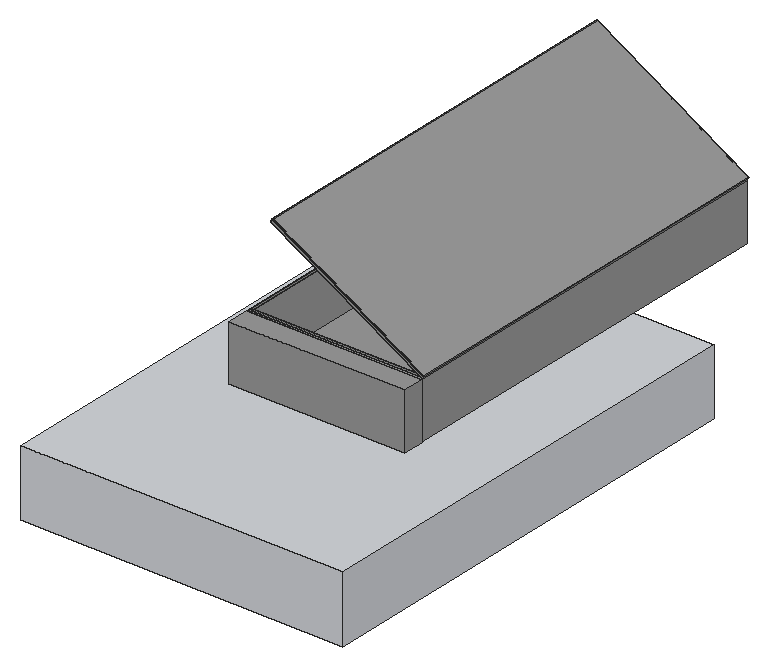
Revit family "Hager-Univers-IP55-D275-H1950-Cl.II-Steel_encl-DE-de", category Equipement électrique, Revit 2020
Family settings
  Hôte = Face
  Configuration du panneau = Deux colonnes, circuits au sein
  Cote de connecteur circulaire = Utiliser le diamètre
  Type d'élément = Tableau de raccordement
  Couper avec des vides une fois chargée = Non
  Partagée = Non
  Point de calcul de pièce = Non
Parameters (values of type "Bodenaufstellung IP55 B800 H1950 T275  - FR23S1")
  Width Control [instance] = if([EF000008 - Breite] > Min Width, [EF000008 - Breite], Min Width)  # 800 mm
  Commentaires du type = [HG000003 - Bereich]  # "Univers"
  Thickness Door [instance] = if([EF009171 - Materialstärke Tür/Deckel] > 3 mm, 3 mm, [EF009171 - Materialstärke Tür/Deckel])  # 1.5 mm
  Seal Frame Offset [instance] = 17 mm  # constant formula
  Plinth Visibility [instance] = [HG000027 - Sockelhöhe] > 0 mm  # yes
  Model = ""
  Min Width [instance] = 100 mm  # constant formula
  Min Height [instance] = 100 mm  # constant formula
  Min Depth [instance] = (2 * [EF009170 - Materialstärke Gehäuse]) + 1 mm  # 4 mm
  Internal Frame Depth [instance] = (Door System Depth * 0.5)  # 9 mm
  Height Control [instance] = if([EF000040 - Höhe] > Min Height, [EF000040 - Höhe], Min Height)  # 1950 mm
  HG000027 - Sockelhöhe = 100 mm
  HG000026 - Stehend auf dem Boden = yes
  HG000024 - Höhe des unteren Teils = 800 mm
  HG000023 - Gehäuse mit doppeltem Querschnitt = no
  HG000016 - 3D-Türsichtbarkeit [instance] = yes
  HG000015 - Sichtbarkeit der Türöffnung [instance] = no
  HG000014 - Tür rechts [instance] = yes
  HG000013 - Tür links [instance] = not([HG000014 - Tür rechts])  # no
  HG000012 - Türschwenkwinkel [instance] = 30.00°
  HG000010 - Asymmetrische Türen = no
  HG000009 - Doppelflügeligen Tür = no
  HG000006 - Unterputz = no
  HG000004 - Herstellerreferenz = "FR23S1"
  HG000003 - Bereich = "Univers"
  HG000002 - Mit tür = yes
  Frame Offset Bottom [instance] = 10 mm  # constant formula
  Frame Offset [instance] = 15 mm  # constant formula
  EF015940 - Deckel mit Überdruckentlastung = no
  EF011959 - Schutzart (NEMA) = ""
  EF009554 - Anzahl der Öffnungen für Flanschplatten = 6
  Fabricant = "Hager"  # constant formula
  EF009212 - Ausführung Deckel = "EV000116 - geschlossen"
  EF009171 - Materialstärke Tür/Deckel = 1.5 mm
  EF009170 - Materialstärke Gehäuse = 1.5 mm
  EF008873 - Nennstrom (In) = 800 A
  EF007800 - Geeignet für Blitzschutz = no
  EF006306 - Mit Schloss = no
  EF006244 - Transparenter Deckel/Tür = no
  EF005474 - Schutzart (IP) = "EV006420 - IP55"
  EF004464 - Art der Tür = "EV002646 - Einzel"
  EF004427 - Anzahl der Module = 432
  EF004293 - Schlagfestigkeit = "EV008784 - IK10"
  EF003532 - Geeignet für Außengebrauch = no
  EF002950 - Breite in Teilungseinheiten = 24
  EF001613 - Funktionserhalt = "EV000494 - ohne"
  EF001596 - Werkstoff des Gehäuses = "EV000179 - Stahl"
  EF001131 - Innentiefe = 275 mm
  EF001088 - Anbaumöglichkeit = yes
  EF000437 - Anzahl der Leitungseinführungen = 6
  EF000339 - Art der Abdeckung = "EV004216 - Tür"
  EF000266 - Anzahl der Reihen = 12
  EF000218 - Einbautiefe = 0 mm
  EF000118 - Mit Montageplatte = no
  EF000116 - RAL-Nummer = "7035"
  EF000049 - Tiefe = 275 mm
  EF000040 - Höhe = 1950 mm
  EF000008 - Breite = 800 mm
  EF000007 - Farbe = "EV000270 - grau"
  EF000003 - Montageart = "EV012274 - Bodenaufstellung"
  Door System Leaf Tolerance [instance] = 1.5 mm  # constant formula
  Door System Depth [instance] = 18 mm  # constant formula
  Door Height [instance] = Height Control - [HG000027 - Sockelhöhe]  # 1850 mm
  Depth Control [instance] = if([EF000049 - Tiefe] > Min Depth, [EF000049 - Tiefe], Min Depth)  # 275 mm
  Default Elevation = 0 mm
  Connector Offset [instance] = Height Control / 2  # 975 mm
  Bottom Top Plate Trim [instance] = 1.5 mm  # constant formula
  Plinth height Ctrl [instance] = if([HG000027 - Sockelhöhe] > 0 mm, [HG000027 - Sockelhöhe], 12 mm)  # 100 mm
Types (11, lengths in mm): name | Width Control | HG000010 - Asymmetrische Türen | HG000009 - Doppelflügeligen Tür | HG000004 - Herstellerreferenz | EF009554 - Anzahl der Öffnungen für Flanschplatten | EF006244 - Transparenter Deckel/Tür | EF004464 - Art der Tür | EF004427 - Anzahl der Module | EF000437 - Anzahl der Leitungseinführungen | EF000008 - Breite
  Bodenaufstellung IP55 B1050 H1950 T275  - FR24L1 | 1050 | yes | yes | "FR24L1" | 8 | yes | "EV003602 - Doppel" | 576 | 8 | 1050
  Bodenaufstellung IP55 B1050 H1950 T275  - FR24S1 | 1050 | yes | yes | "FR24S1" | 8 | no | "EV003602 - Doppel" | 576 | 8 | 1050
  Bodenaufstellung IP55 B1300 H1950 T275  - FR25L1 | 1300 | yes | yes | "FR25L1" | 10 | yes | "EV003602 - Doppel" | 720 | 10 | 1300
  Bodenaufstellung IP55 B1300 H1950 T275  - FR25S1 | 1300 | yes | yes | "FR25S1" | 10 | no | "EV003602 - Doppel" | 720 | 10 | 1300
  Bodenaufstellung IP55 B1550 H1950 T275  - FR26L1 | 1550 | yes | yes | "FR26L1" | 12 | yes | "EV003602 - Doppel" | 864 | 12 | 1550
  Bodenaufstellung IP55 B1550 H1950 T275  - FR26S1 | 1550 | yes | yes | "FR26S1" | 12 | no | "EV003602 - Doppel" | 864 | 12 | 1550
  Bodenaufstellung IP55 B300 H1950 T275  - FR21S1 | 300 | no | no | "FR21S1" | 2 | no | "EV002646 - Einzel" | 144 | 2 | 300
  Bodenaufstellung IP55 B550 H1950 T275  - FR22L1 | 550 | no | no | "FR22L1" | 4 | yes | "EV002646 - Einzel" | 288 | 4 | 550
  Bodenaufstellung IP55 B550 H1950 T275  - FR22S1 | 550 | no | no | "FR22S1" | 4 | no | "EV002646 - Einzel" | 288 | 4 | 550
  Bodenaufstellung IP55 B800 H1950 T275  - FR23L1 | 800 | no | no | "FR23L1" | 6 | yes | "EV002646 - Einzel" | 432 | 6 | 800
  Bodenaufstellung IP55 B800 H1950 T275  - FR23S1 | 800 | no | no | "FR23S1" | 6 | no | "EV002646 - Einzel" | 432 | 6 | 800
Reference planes
  plane 1 "Center (Front/Back)": y = 0
  plane 2: z = 0
  plane 3 "Center (Left/Right)": x = 0
  plane 4: z = 275
  plane 5: y = 101.5
  plane 6: y = 1025
  plane 7: y = 100
  plane 8: y = 1950
  plane 9: z = 0
  plane 10: x = -385
  plane 11: x = 385
  plane 12: x = 383.5
  plane 13: x = -383.5
  plane 14: y = 1948.5
  plane 15: x = -383
  plane 16: x = -400
  plane 17: x = 383
  plane 18: x = 400
  plane 19: x = 398.5
  plane 20: x = -398.5
  plane 21: y = 111.5
  plane 22: y = 1950
  plane 23: y = 1933.5
  plane 24: z = 257
  plane 25: z = 1.5
  plane 26: z = 255.5
  plane 27: z = 273.5
Forms (mm)
  Extrusion 1, solid
    sketch origin (0, 0, 0) x (1, 0, 0) y (0, 1, 0)
      loop
        line (-702.964, 1305) -> (-702.964, -811.445) -> (766.763, -811.445) -> (766.763, 1305) -> (-702.964, 1305)
    from 0 to -304.8
  Extrusion 2, solid, material "Hager_Steel_RAL7035_Light_Grey", visible <- "Plinth Visibility", detail levels medium+fine
    sketch origin (0, 0, 0) x (1, 0, 0) y (0, 1, 0)
      loop
        line (-400, 0) -> (400, 0) -> (400, 100) -> (-400, 100) -> (-400, 0)
    from 0 to 257
  Extrusion 3, solid, material "Hager_Steel_RAL7035_Light_Grey", detail levels medium+fine
    sketch origin (0, 0, 0) x (1, 0, 0) y (0, 1, 0)
      loop
        line (-400, 100) -> (400, 100) -> (400, 1950) -> (-400, 1950) -> (-400, 100)
    from 0 to 257
  Extrusion 4, void
    sketch origin (0, 0, 0) x (1, 0, 0) y (0, 1, 0)
      loop
        line (-398.5, 101.5) -> (398.5, 101.5) -> (398.5, 1948.5) -> (-398.5, 1948.5) -> (-398.5, 101.5)
    from 1.5 to 255.5
  Extrusion 5, void
    sketch origin (-381.607, -4572, 257) x (0, -1, 0) y (-1, 0, 0)
      loop
        line (-4683.5, 1.893) -> (-6505.5, 1.893) -> (-6505.5, -765.107) -> (-4683.5, -765.107) -> (-4683.5, 1.893)
    from 0 to 1.5 <- "EF009170 - Materialstärke Gehäuse"
  Extrusion 6, solid, material "Hager_Steel_RAL7035_Light_Grey", detail levels fine
    sketch origin (0, 0, 257) x (1, 0, 0) y (0, 1, 0)
      loop
        line (-383.5, 1933.5) -> (-383.5, 111.5) -> (383.5, 111.5) -> (383.5, 1933.5) -> (-383.5, 1933.5)
      loop
        line (-385, 110) -> (385, 110) -> (385, 1935) -> (-385, 1935) -> (-385, 110)
    from 0 to 9 <- "Internal Frame Depth"
  Extrusion 7, solid, material "Hager_Steel_RAL7035_Light_Grey", detail levels coarse
    sketch origin (0, 0, 0) x (1, 0, 0) y (0, 1, 0)
      loop
        line (-400, 0) -> (400, 0) -> (400, 1950) -> (-400, 1950) -> (-400, 0)
    from 0 to 275
  Sweep 8, void
    path in 3D
      loop
        line (-400, 100, 0) -> (400, 100, 0) -> (400, 100, 257) -> (-400, 100, 257) -> (-400, 100, 0)
    profile origin (-400, 100, 128.5) x (-1, 0, 0) y (0, -1, 0)
      loop
        line (0, 0) -> (0, 1.5) -> (-1.5, 1.5)
        arc (-1.5, 1.5) -> (-1.061, 0.439) -> (0, 0) r 1.5
Cuts and joins
  Extrusion 4, Extrusion 5 cuts Extrusion 3
  Sweep 8 cuts Extrusion 2
Lines and regions (mm)
  Masking region 1
    outline origin (0, 0, 0) x (1, 0, 0) y (0, 0, 1)
      loop
        line (-400, 275) -> (-400, 0) -> (400, 0) -> (400, 275) -> (-400, 275)
  Masking region 2, detail levels medium+fine
    outline origin (0, 140, 0) x (0, 1, 0) y (0, 0, 1)
      loop
        line (-40, 0) -> (1810, 0) -> (1810, 257) -> (-40, 257) -> (-40, 0)
  Masking region 3, not visible, detail levels medium+fine
    outline origin (0, 297.922, 0) x (0, 1, 0) y (0, 0, 1)
      loop
        line (738.578, 0) -> (778.578, 0) -> (778.578, 263.5)
        arc (778.578, 263.5) -> (775.649, 270.571) -> (768.578, 273.5) r 10
        line (768.578, 273.5) -> (738.578, 273.5) -> (738.578, 0)
  Masking region 4, detail levels coarse
    outline origin (0, 0, 180) x (0, 1, 0) y (0, 0, 1)
      loop
        line (0, -180) -> (1950, -180) -> (1950, 95) -> (0, 95) -> (0, -180)
  Masking region 5, visible <- "Plinth Visibility", detail levels medium+fine
    outline origin (0, 52.24, 12.345) x (0, 0, -1) y (0, 1, 0)
      loop
        line (10.845, 47.76) -> (-243.155, 47.76)
        arc (-243.155, 47.76) -> (-243.594, 46.699) -> (-244.655, 46.26) r 1.5
        line (-244.655, 46.26) -> (-244.655, -52.24) -> (12.345, -52.24) -> (12.345, 46.26)
        arc (12.345, 46.26) -> (11.285, 46.699) -> (10.845, 47.76) r 1.5
  Masking region 6, detail levels medium+fine
    outline origin (-381.607, -4572, 257) x (-1, 0, 0) y (0, -1, 0)
      loop
        line (18.393, -6522) -> (18.393, -4672) -> (-781.607, -4672) -> (-781.607, -6522) -> (18.393, -6522)
  Masking region 7, visible <- "Plinth Visibility", detail levels medium+fine
    outline origin (-381.607, -4727, 257) x (-1, 0, 0) y (0, -1, 0)
      loop
        arc (16.893, -4827) -> (17.332, -4825.939) -> (18.393, -4825.5) r 1.5
        line (18.393, -4825.5) -> (18.393, -4727) -> (-781.607, -4727) -> (-781.607, -4825.5)
        arc (-781.607, -4825.5) -> (-780.546, -4825.939) -> (-780.107, -4827) r 1.5
        line (-780.107, -4827) -> (16.893, -4827)
  Masking region 8, detail levels coarse
    outline origin (-442.548, -4669.526, 257) x (-1, 0, 0) y (0, -1, 0)
      loop
        line (-42.548, -6619.526) -> (-42.548, -4669.526) -> (-842.548, -4669.526) -> (-842.548, -6619.526) -> (-42.548, -6619.526)
  sketch lines
    curve 1: line (-400, 100, 257) -> (-400, 100, 0)
    curve 2: line (400, 100, 257) -> (-400, 100, 257)
    curve 3: line (400, 100, 257) -> (400, 100, 0)
    curve 4: line (-400, 100, 0) -> (400, 100, 0)
Dimensions and locks
  "Depth Control": plane 4 to Extrusion 1
  "HG000027 - Sockelhöhe": plane 1 "Center (Front/Back)" to plane 7
  "EF009170 - Materialstärke Gehäuse": plane 5 to plane 7
  locked: connector elem to plane 3 "Center (Left/Right)"
  equal spacing: plane 8, plane 6, plane 7
  locked: connector elem to plane 6
  "EF009170 - Materialstärke Gehäuse": plane 8 to plane 14
  "EF009170 - Materialstärke Gehäuse": plane 10 to plane 13
  "EF009170 - Materialstärke Gehäuse": plane 12 to plane 11
  "Frame Offset": plane 20 to plane 13
  "Frame Offset": plane 12 to plane 19
  "EF009170 - Materialstärke Gehäuse": plane 16 to plane 20
  "EF009170 - Materialstärke Gehäuse": plane 19 to plane 18
  "Seal Frame Offset": plane 16 to plane 15
  "Seal Frame Offset": plane 17 to plane 18
  "Frame Offset Bottom": plane 21 to plane 5
  "Frame Offset": plane 14 to plane 23
  equal spacing: plane 16, plane 3 "Center (Left/Right)", plane 18
  "Width Control": plane 16 to plane 18
  "EF009170 - Materialstärke Gehäuse": plane 4 to plane 27
  "EF009170 - Materialstärke Gehäuse": plane 24 to plane 26
  "EF009170 - Materialstärke Gehäuse": plane 25 to level
  "Door System Depth": plane 4 to plane 24
  "Height Control": plane 1 "Center (Front/Back)" to Extrusion 7 sketch curve
  "Height Control": Masking region 4 sketch curve to plane 1 "Center (Front/Back)"
  "Height Control": plane 1 "Center (Front/Back)" to plane 22
  "Bottom Top Plate Trim": profile plane to Sweep 8 sketch curve
  "Bottom Top Plate Trim": Sweep 8 sketch curve to profile plane
  "Plinth height Ctrl": plane 1 "Center (Front/Back)" to Extrusion 2 sketch curve
  "Plinth height Ctrl": Masking region 5 sketch curve to plane 1 "Center (Front/Back)"
  "Plinth height Ctrl": plane 1 "Center (Front/Back)" to Masking region 7 sketch curve
  "Thickness Door": Extrusion 6 sketch curve to Extrusion 6 sketch curve  (x3)
  "Thickness Door": cut or joined group of Extrusion 3, Extrusion 4, Extrusion 5 to Extrusion 6 sketch curve
  radius of Masking region 3 sketch curve = 10 mm
  "Bottom Top Plate Trim": radius of Masking region 5 sketch curve  (x2)
  "Bottom Top Plate Trim": radius of Sweep 8 sketch curve
  "Bottom Top Plate Trim": radius of Masking region 7 sketch curve  (x2)
  aligned and locked: plane 2 to Extrusion 1
  aligned and locked: level to Extrusion 1
  aligned and locked: level to Masking region 1 sketch curve
  aligned and locked: Masking region 1 sketch curve to plane 18
  aligned and locked: Masking region 1 sketch curve to plane 16
  aligned and locked: plane 7 to Masking region 2 sketch curve
  aligned and locked: level to Masking region 3 sketch curve
  aligned and locked: Masking region 3 sketch curve to plane 27
  aligned and locked: level to Masking region 2 sketch curve
  aligned and locked: plane 1 "Center (Front/Back)" to Extrusion 2 sketch curve
  aligned and locked: Extrusion 3 sketch curve to plane 7
  aligned and locked: plane 16 to Extrusion 3 sketch curve
  aligned and locked: plane 18 to Extrusion 3 sketch curve
  aligned and locked: plane 20 to Extrusion 4 sketch curve
  aligned and locked: plane 19 to Extrusion 4 sketch curve
  aligned and locked: Extrusion 4 sketch curve to plane 5
  aligned and locked: Extrusion 4 to plane 25
  aligned and locked: plane 26 to Extrusion 4
  aligned and locked: plane 24 to Extrusion 3
  aligned and locked: Extrusion 5 sketch curve to plane 21
  aligned and locked: Extrusion 5 sketch curve to plane 13
  aligned and locked: Extrusion 5 sketch curve to plane 12
  aligned and locked: plane 18 to Extrusion 7 sketch curve
  aligned and locked: plane 1 "Center (Front/Back)" to Extrusion 7 sketch curve
  aligned and locked: plane 16 to Extrusion 7 sketch curve
  aligned and locked: plane 4 to Extrusion 7
  aligned and locked: Extrusion 7 to level
  aligned and locked: level to Masking region 4 sketch curve
  aligned and locked: Masking region 4 sketch curve to plane 1 "Center (Front/Back)"
  aligned and locked: Masking region 4 sketch curve to plane 4
  aligned and locked: nested 1 to level
  aligned and locked: nested 1 to plane 16
  aligned and locked: plane 8 to Extrusion 3 sketch curve
  aligned and locked: plane 23 to Extrusion 5 sketch curve
  aligned and locked: plane 14 to Extrusion 4 sketch curve
  aligned and locked: Masking region 2 sketch curve to plane 8
  aligned and locked: level to Masking region 5 sketch curve
  aligned and locked: plane 16 to Extrusion 2 sketch curve
  aligned and locked: plane 18 to Extrusion 2 sketch curve
  aligned and locked: Masking region 5 sketch curve to plane 24
  aligned and locked: Masking region 2 sketch curve to plane 24
  aligned and locked: plane 24 to Extrusion 2
  aligned and locked: profile plane to Sweep 8 sketch curve  (x2)
  aligned and locked: Masking region 6 sketch curve to plane 18
  aligned and locked: Masking region 6 sketch curve to plane 22
  aligned and locked: Masking region 6 sketch curve to plane 16
  aligned and locked: plane 8 to plane 22
  aligned and locked: Masking region 6 sketch curve to plane 7
  aligned and locked: Masking region 7 sketch curve to plane 16
  aligned and locked: Masking region 7 sketch curve to plane 1 "Center (Front/Back)"
  aligned and locked: Masking region 7 sketch curve to plane 18
  aligned and locked: Masking region 8 sketch curve to plane 1 "Center (Front/Back)"
  aligned and locked: Masking region 8 sketch curve to plane 18
  aligned and locked: Masking region 8 sketch curve to plane 22
  aligned and locked: Masking region 8 sketch curve to plane 16
  aligned and locked: nested 2 to plane 7
  aligned and locked: plane 3 "Center (Left/Right)" to nested 2
  aligned and locked: nested 2 to plane 24
  aligned and locked: Extrusion 6 sketch curve to cut or joined group of Extrusion 3, Extrusion 4, Extrusion 5  (x4)
Automatic sketch dimensions
  Extrusion 1 sketch curve to Extrusion 1 sketch curve = 1469.727 mm
  Extrusion 1 sketch curve to Extrusion 1 sketch curve = 2116.445 mm
  Masking region 1 sketch curve to plane 4 = 0 mm
  plane 6 to Masking region 3 sketch curve = 11.5 mm
  Masking region 3 sketch curve to Masking region 3 sketch curve = 30 mm
  Masking region 5 sketch curve to plane 1 "Center (Front/Back)" = 0 mm
Nested families
  nested 1: "Hager_Enclosure_Symbol" at (-400, 0, 0) x (1, 0, 0) z (0, -1, 0), Height <- "Depth Control", Width <- "Width Control", type "Hager_Enclosure_Symbol"
    with Width_Ctrl 800 mm, Width 800 mm, Height_Ctrl 275 mm, Height 275 mm, A_Width_Int 18.047 mm, A_Width 216.562 mm, A_Height_Ctrl 240.625 mm, A_Height 240.625 mm
  nested 2: "EC000058_Univers_Door" at (0, 100, 257) x (1, 0, 0) z (0, 1, 0), Leaf_Tolerance <- "Door System Leaf Tolerance", Angle <- "HG000012 - Türschwenkwinkel", Door_Depth <- "Door System Depth", Door_Left <- "HG000013 - Tür links", Transparent <- "EF006244 - Transparenter Deckel/Tür", Assymetrical <- "HG000010 - Asymmetrische Türen", Width <- "Width Control", Clearance <- "HG000015 - Sichtbarkeit der Türöffnung", Double <- "HG000009 - Doppelflügeligen Tür", 3d_Door <- "HG000016 - 3D-Türsichtbarkeit", Lock_Visibility <- "EF006306 - Mit Schloss", Width_Ctrl <- "Width Control", Door_Right <- "HG000014 - Tür rechts", Door <- "HG000002 - Mit tür", Height <- "Door Height", Thickness <- "Thickness Door", type "EC000058_Univers_Door", detail levels medium+fine
    with min_wh 4 mm, Width_Ctrl 800 mm, Width 800 mm, Transparent no, Thickness 1.5 mm, Seal_Material Hager_Rubber, Lock_Visibility no, Lock_Material Hager_Plastic_RAL9005_Jet_Black, Leaf_Width 800 mm, Leaf_Tolerance_External_Sides 0 mm, Leaf_Tolerance 1.5 mm, Leaf_Offset 0 mm, Leaf_Height 1847 mm, Leaf_2_Width 800 mm, Leaf_2_Offset 400 mm, Leaf_1_Width 800 mm, Leaf_1_Offset 400 mm, Height_Ctrl 1850 mm, Height 1850 mm, Glass_Material Hager_Glass, Double_Clearance_Ctrl no, Double no, Door_Right_Ctrl yes, Door_Right yes, Door_Material Hager_Steel_RAL7035_Light_Grey, Door_Left_Ctrl no, Door_Left no, Door_Depth 18 mm, Door yes, Clearance_Material Hager_Clearance, Clearance_Depth 800 mm, Clearance_Ctrl no, Clearance no, Assymetrical no, Angle 30.00°, 3d_Door yes
Connectors
  electrical at (0, 1025, 0)
    settings: on plane 9, index 1, voltage 0 V, apparent load 0 VA, apparent load phase1 0 VA, apparent load phase2 0 VA, apparent load phase3 0 VA, power factor 1, load classification "Other", number of poles 1, system type 30, power factor state 1, is connector primary yes, connector utility no, sub classification motor no, connector description ""
Definition of nested family "EC000058_Univers_Door"
  Parameters (values of type "EC000058_Univers_Door")
    min_wh [instance] = (2 * Thickness) + 1 mm  # 11 mm
    Width_Ctrl [instance] = 400 mm
    Width [instance] = 500 mm
    Transparent [instance] = yes
    Thickness [instance] = 5 mm
    Seal_Material [instance] = none
    Lock_Visibility [instance] = yes
    Lock_Material [instance] = none
    Leaf_Width [instance] = if((Width_Ctrl - 2 * Leaf_Tolerance_External_Sides) > 0 mm, (Width_Ctrl - 2 * Leaf_Tolerance_External_Sides), min_wh)  # 400 mm
    Leaf_Tolerance_External_Sides [instance] = 0 mm  # constant formula
    Leaf_Tolerance [instance] = 1.5 mm
    Leaf_Offset [instance] = 0 mm  # constant formula
    Leaf_Height [instance] = if((Height_Ctrl - 2 * Leaf_Tolerance) > 0 mm, (Height_Ctrl - 2 * Leaf_Tolerance), min_wh)  # 497 mm
    Leaf_2_Width [instance] = if(and(and(Double, Assymetrical), Door_Left), (Leaf_Width / 3) - (Leaf_Tolerance / 2), if(and(and(Double, Assymetrical), Door_Right), (Leaf_Width / 3) * 2 - (Leaf_Tolerance / 2), if(and(Double, not(Assymetrical)), (Leaf_Width / 2) - Leaf_Tolerance, Leaf_Width)))  # 400 mm
    Leaf_2_Offset [instance] = if(and(Double, Assymetrical), Leaf_2_Width / 2, if(and(Double, not(Assymetrical)), Leaf_Width / 4, Leaf_Width / 2))  # 200 mm
    Leaf_1_Width [instance] = if(and(and(Double, Assymetrical), Door_Right), (Leaf_Width / 3) - (Leaf_Tolerance / 2), if(and(and(Double, Assymetrical), Door_Left), (Width / 3) * 2 - (Leaf_Tolerance / 2), if(and(Double, not(Assymetrical)), (Leaf_Width / 2) - Leaf_Tolerance, Leaf_Width)))  # 400 mm
    Leaf_1_Offset [instance] = if(and(Double, Assymetrical), Leaf_1_Width / 2, if(and(Double, not(Assymetrical)), Leaf_Width / 4, Leaf_Width / 2))  # 200 mm
    Height_Ctrl [instance] = if(Height > min_wh, Height, min_wh)  # 500 mm
    Height [instance] = 500 mm
    Glass_Material [instance] = none
    Double_Clearance_Ctrl [instance] = and(Double, Clearance)  # no
    Double [instance] = no
    Door_Right_Ctrl [instance] = and(or(Door_Right, Double), Door)  # yes
    Door_Right [instance] = yes
    Door_Material [instance] = none
    Door_Left_Ctrl [instance] = and(or(Door_Left, Double), Door)  # no
    Door_Left [instance] = no
    Door_Depth [instance] = 30 mm
    Door [instance] = yes
    Default Elevation = 1219.2 mm
    Clearance_Material [instance] = none
    Clearance_Depth [instance] = if(Leaf_1_Width > Leaf_2_Width, Leaf_1_Width, Leaf_2_Width)  # 400 mm
    Clearance_Ctrl [instance] = and(not(Double), Clearance)  # yes
    Clearance [instance] = yes
    Assymetrical [instance] = yes
    Angle [instance] = 30.00°
    3d_Door [instance] = yes
  Reference planes
    plane 1 "Center (Front/Back)": y = 0
    plane 2 "Bottom": z = 0
    plane 3 "Center (Left/Right)": x = 0
    plane 4: z = 500
    plane 5: x = -200
    plane 6: x = 200
    plane 7: z = 500
    plane 8: x = -200
    plane 9: z = 0
    plane 10: x = 200
    plane 11: y = 0
    plane 12: z = 1.5
    plane 13: x = -600
    plane 14: y = -400
    plane 15: x = 600
    plane 16: x = 0
    plane 17: x = 0
    plane 18: x = -200
    plane 19: x = 200
    plane 20: z = 498.5
  Forms (mm)
    Extrusion 1, solid, material <- "Clearance_Material", visible <- "Double_Clearance_Ctrl"
      sketch origin (1200, 0, 0) x (1, 0, 0) y (0, 0, -1)
        loop
          line (-1800, -498.5) -> (-600, -498.5) -> (-600, 0) -> (-1800, 0) -> (-1800, -498.5)
      from 0 to -400
  Dimensions and locks
    equal spacing: plane 5, plane 3 "Center (Left/Right)", plane 6
    "Width_Ctrl": plane 5 to plane 6
    "Leaf_Offset": plane 5 to plane 8
    "Leaf_Offset": plane 6 to plane 10
    "Leaf_Offset": plane 9 to level
    "Leaf_Offset": plane 4 to plane 7
    "Height_Ctrl": plane 4 to level
    "Leaf_Tolerance": plane 12 to plane 9
    locked: plane 11 to plane 1 "Center (Front/Back)"
    "Leaf_1_Offset": plane 18 to plane 16
    "Leaf_2_Offset": plane 17 to plane 19
    "Leaf_1_Width": plane 13 to plane 8
    "Leaf_2_Width": plane 10 to plane 15
    "Clearance_Depth": plane 14 to plane 1 "Center (Front/Back)"
    "Leaf_Tolerance_External_Sides": plane 8 to plane 18
    "Leaf_Tolerance_External_Sides": plane 19 to plane 10
    "Leaf_Tolerance": plane 7 to plane 20
    aligned and locked: level to plane 2 "Bottom"
    aligned and locked: nested 1 to plane 16
    aligned and locked: nested 2 to plane 17
    aligned and locked: Extrusion 1 to plane 13
    aligned and locked: plane 15 to Extrusion 1
    aligned and locked: Extrusion 1 to plane 14
    aligned and locked: plane 12 to nested 1
    aligned and locked: nested 2 to plane 12
    aligned and locked: Extrusion 1 to plane 11
    aligned and locked: plane 20 to Extrusion 1
    aligned and locked: nested 2 to plane 11
    aligned and locked: nested 1 to plane 11
  Automatic sketch dimensions
    Extrusion 1 sketch curve to level = 0 mm
    plane 5 to Extrusion 1 sketch curve = 400 mm
    plane 6 to Extrusion 1 sketch curve = 400 mm
    Extrusion 1 sketch curve to plane 4 = 1.5 mm
  Nested families
    nested 1: "EC000058_Univers_Door_Leaf" at (0, 0, 1.5), Width <- "Leaf_1_Width", visible <- "Door_Left_Ctrl", Leaf_Height <- "Leaf_Height", Angle <- "Angle", 3d_Door <- "3d_Door", Transparent <- "Transparent", Clearance Material <- "Clearance_Material", Clearance <- "Clearance_Ctrl", Door_Material <- "Door_Material", Glass_Material <- "Glass_Material", Door_Depth <- "Door_Depth", Lock_Material <- "Lock_Material", Seal_Material <- "Seal_Material", Lock_Visibility <- "Lock_Visibility", Thickness <- "Thickness", type "EC000058_Univers_Door_Leaf"
      with Width 400 mm, Transparent_Glass_Offset 30 mm, Transparent_Ctrl yes, Transparent yes, Thickness 5 mm, Standard no, Seal_Material none, Seal_D2 8 mm, Seal_D1 1 mm, Offset_Internal_Frame 10 mm, Lock_Width 20 mm, Lock_Visibility_3d yes, Lock_Visibility yes, Lock_Thickness_3 3 mm, Lock_Thickness_2 1 mm, Lock_Thickness_1 3 mm, Lock_Radius_Offset_2 16 mm, Lock_Radius_Offset_1 15 mm, Lock_Radius_2 5 mm, Lock_Radius 6 mm, Lock_Offset 5 mm, Lock_Material none, Lock_Height 80 mm, Lock_Cover_Top_Offset_2d 17 mm, Lock_Cover_Height -65 mm, Leaf_Height 497 mm, Internal_Seal_Thickness 8 mm, Internal_Seal_Depth_2 4.5 mm, Internal_Frame_Depth 25 mm, Glass_Thickness -1 mm, Glass_Offset -2 mm, Glass_Material none, Door_Material none, Door_Depth 30 mm, Clearance Material none, Clearance yes, Angle_Ctrl 30.00°, Angle 30.00°, 3d_Door yes
    nested 2: "EC000058_Univers_Door_Leaf" at (0, 0, 1.5) x (-1, 0, 0) z (0, 0, 1), Width <- "Leaf_2_Width", visible <- "Door_Right_Ctrl", Leaf_Height <- "Leaf_Height", Angle <- "Angle", 3d_Door <- "3d_Door", Transparent <- "Transparent", Clearance Material <- "Clearance_Material", Clearance <- "Clearance_Ctrl", Door_Material <- "Door_Material", Glass_Material <- "Glass_Material", Door_Depth <- "Door_Depth", Lock_Material <- "Lock_Material", Seal_Material <- "Seal_Material", Lock_Visibility <- "Lock_Visibility", Thickness <- "Thickness", type "EC000058_Univers_Door_Leaf"
      with Width 400 mm, Transparent_Glass_Offset 30 mm, Transparent_Ctrl yes, Transparent yes, Thickness 5 mm, Standard no, Seal_Material none, Seal_D2 8 mm, Seal_D1 1 mm, Offset_Internal_Frame 10 mm, Lock_Width 20 mm, Lock_Visibility_3d yes, Lock_Visibility yes, Lock_Thickness_3 3 mm, Lock_Thickness_2 1 mm, Lock_Thickness_1 3 mm, Lock_Radius_Offset_2 16 mm, Lock_Radius_Offset_1 15 mm, Lock_Radius_2 5 mm, Lock_Radius 6 mm, Lock_Offset 5 mm, Lock_Material none, Lock_Height 80 mm, Lock_Cover_Top_Offset_2d 17 mm, Lock_Cover_Height -65 mm, Leaf_Height 497 mm, Internal_Seal_Thickness 8 mm, Internal_Seal_Depth_2 4.5 mm, Internal_Frame_Depth 25 mm, Glass_Thickness -1 mm, Glass_Offset -2 mm, Glass_Material none, Door_Material none, Door_Depth 30 mm, Clearance Material none, Clearance yes, Angle_Ctrl 30.00°, Angle 30.00°, 3d_Door yes
  Definition of nested family "EC000058_Univers_Door_Leaf"
    Parameters (values of type "EC000058_Univers_Door_Leaf")
      Width [instance] = 2000 mm
      Transparent_Glass_Offset [instance] = 30 mm
      Transparent_Ctrl [instance] = and(Transparent, [3d_Door])  # yes
      Transparent [instance] = yes
      Thickness [instance] = 5 mm
      Standard [instance] = and(not(Transparent), [3d_Door])  # no
      Seal_Material [instance] = none
      Seal_D2 [instance] = 8 mm  # constant formula
      Seal_D1 [instance] = 1 mm  # constant formula
      Offset_Internal_Frame [instance] = 10 mm  # constant formula
      Lock_Width [instance] = 20 mm  # constant formula
      Lock_Visibility_3d [instance] = and(Lock_Visibility, [3d_Door])  # yes
      Lock_Visibility [instance] = yes
      Lock_Thickness_3 [instance] = 3 mm  # constant formula
      Lock_Thickness_2 [instance] = 1 mm  # constant formula
      Lock_Thickness_1 [instance] = 3 mm  # constant formula
      Lock_Radius_Offset_2 [instance] = Lock_Radius_Offset_1 + 1 mm  # 16 mm
      Lock_Radius_Offset_1 [instance] = 15 mm  # constant formula
      Lock_Radius_2 [instance] = Lock_Radius - 1 mm  # 5 mm
      Lock_Radius [instance] = 6 mm  # constant formula
      Lock_Offset [instance] = 5 mm  # constant formula
      Lock_Material [instance] = none
      Lock_Height [instance] = 80 mm  # constant formula
      Lock_Cover_Top_Offset_2d [instance] = Lock_Radius_Offset_2 + 1 mm  # 17 mm
      Lock_Cover_Height [instance] = -(Lock_Height - Lock_Radius_Offset_1)  # -65 mm
      Leaf_Height [instance] = 2720.336 mm
      Internal_Seal_Thickness [instance] = 8 mm  # constant formula
      Internal_Seal_Depth_2 [instance] = 4.5 mm  # constant formula
      Internal_Frame_Depth [instance] = if(Door_Depth - Thickness > 5 mm, Door_Depth - Thickness, 5 mm)  # 25 mm
      Glass_Thickness [instance] = if(Thickness > 15 mm, Glass_Offset + 10 mm, -1 mm)  # -1 mm
      Glass_Offset [instance] = if(Thickness > 15 mm, -(Thickness + 10 mm) / 2, -2 mm)  # -2 mm
      Glass_Material [instance] = none
      Door_Material [instance] = none
      Door_Depth [instance] = 30 mm
      Default Elevation = 0 mm
      Clearance Material [instance] = none
      Clearance [instance] = yes
      Angle_Ctrl [instance] = if(Angle > 180.00°, 180.00°, Angle)  # 90.00°
      Angle [instance] = 90.00°
      3d_Door [instance] = yes
    Reference planes
      plane 1 "Center (Front/Back)": y = 0
      plane 2: z = 0
      plane 3 "Center (Left/Right)": x = 0
      plane 4: y = 2000
      plane 5: x = -1000
      plane 6: x = 1000
      plane 7: x = -3000
      plane 8: z = 2720.336
      plane 9: z = 30
      plane 10: z = 2690.336
      plane 11: x = 970
      plane 12: x = -970
      plane 13: y = -3
      plane 14: z = 107.833
      plane 15: y = -5
      plane 16: y = -223.314
      plane 17: x = -1000
      plane 18: z = 1360.168
      plane 19: y = 30
    Forms (mm)
      Extrusion 1, solid, material <- "Clearance Material", visible <- "Clearance"
        sketch origin (0, 0, 0) x (1, 0, 0) y (0, 0, 1)
          loop
            line (-3000, 2720.336) -> (-3000, 0) -> (1000, 0) -> (1000, 2720.336) -> (-3000, 2720.336)
        from 0 to -2000
      Extrusion 2, solid, material <- "Door_Material", visible <- "Standard", detail levels medium+fine
        sketch origin (-1000, 0, 0) x (0, 1, 0) y (-1, 0, 0)
          loop
            line (0, 30) -> (0, 25) -> (2000, 25) -> (2000, 30) -> (0, 30)
        from 0 to 2720.336 <- "Leaf_Height"
      Extrusion 3, solid, material <- "Door_Material", visible <- "Transparent_Ctrl", detail levels medium+fine
        sketch origin (-1000, 0, 0) x (0, 1, 0) y (-1, 0, 0)
          loop
            line (0, 25) -> (2000, 25) -> (2000, 30) -> (0, 30) -> (0, 25)
        from 0 to 2720.336 <- "Leaf_Height"
      Extrusion 4, void
        sketch origin (-1025, 2000, 0) x (0, 1, 0) y (0, 0, -1)
          loop
            line (-30, -2690.336) -> (-30, -30) -> (-1970, -30) -> (-1970, -2690.336) -> (-30, -2690.336)
        from 0 to 5 <- "Thickness"
      Sweep 5, solid, material <- "Seal_Material", visible <- "Transparent_Ctrl", detail levels fine
        path in 3D
          loop
            line (-1025, 30, 30) -> (-1025, 30, 2690.336) -> (-1025, 1970, 2690.336) -> (-1025, 1970, 30) -> (-1025, 30, 30)
        profile origin (-1025, 1000, 30) x (1, 0, 0) y (0, 0, 1)
          loop
            line (0, 0) -> (0, -8) -> (1, -8) -> (1, 0) -> (0, 0)
      Extrusion 6, solid, material <- "Glass_Material", visible <- "Transparent_Ctrl", detail levels medium+fine
        sketch origin (-1030, 0, 0) x (0, 1, 0) y (0, 0, -1)
          loop
            line (1970, -2690.336) -> (1970, -30) -> (30, -30) -> (30, -2690.336) -> (1970, -2690.336)
        from -2 <- "Glass_Offset" to -1 <- "Glass_Thickness"
      Extrusion 7, solid, material <- "Door_Material", visible <- "3d_Door", detail levels medium+fine
        sketch origin (-1025, 2000, 0) x (0, -1, 0) y (0, 0, -1)
          loop
            line (0, -2720.336) -> (2000, -2720.336) -> (2000, 0) -> (0, 0) -> (0, -2720.336)
          loop
            line (1995, -5) -> (5, -5) -> (5, -2715.336) -> (1995, -2715.336) -> (1995, -5)
        from 0 to 25 <- "Internal_Frame_Depth"
      Sweep 8, solid, material <- "Seal_Material", visible <- "Transparent_Ctrl", detail levels fine
        path in 3D
          loop
            line (-1025, 0, 0) -> (-1025, 2000, 0) -> (-1025, 2000, 2720.336) -> (-1025, 0, 2720.336) -> (-1025, 0, 0)
        profile origin (-1025, 0, 1360.168) x (1, 0, 0) y (0, 1, 0)
          loop
            line (0, 10) -> (2.975, 10)
            arc (2.975, 10) -> (4.053, 10.447) -> (4.5, 11.525) r 1.525
            line (4.5, 11.525) -> (4.5, 16.527)
            arc (4.5, 16.527) -> (4.069, 17.569) -> (3.027, 18) r 1.473
            line (3.027, 18) -> (0, 18) -> (0, 10)
      Extrusion 9, solid, material <- "Lock_Material", visible <- "Lock_Visibility_3d", detail levels fine
        sketch origin (-1030, 0, 0) x (0, 1, 0) y (0, 0, -1)
          loop
            arc (1993.5, -1400.168) -> (1994.561, -1399.729) -> (1995, -1398.668) r 1.5
            line (1995, -1398.668) -> (1995, -1320.168) -> (1975, -1320.168) -> (1975, -1398.668)
            arc (1975, -1398.668) -> (1975.439, -1399.729) -> (1976.5, -1400.168) r 1.5
            line (1976.5, -1400.168) -> (1993.5, -1400.168)
        from 3 <- "Lock_Thickness_1" to 0
      Blend 10, solid, material <- "Lock_Material", visible <- "Lock_Visibility_3d", detail levels fine
        base sketch origin (-1033, 0, 0) x (0, 1, 0) y (0, 0, -1)
          loop
            line (1975, -1320.168) -> (1975, -1398.668)
            arc (1975, -1398.668) -> (1975.439, -1399.729) -> (1976.5, -1400.168) r 1.5
            line (1976.5, -1400.168) -> (1993.5, -1400.168)
            arc (1993.5, -1400.168) -> (1994.561, -1399.729) -> (1995, -1398.668) r 1.5
            line (1995, -1398.668) -> (1995, -1320.168) -> (1975, -1320.168)
        top sketch origin (-1033, 0, 0) x (0, 1, 0) y (0, 0, -1)
          loop
            line (1976, -1320.168) -> (1976, -1398.668)
            arc (1976, -1398.668) -> (1976.146, -1399.022) -> (1976.5, -1399.168) r 0.5
            line (1976.5, -1399.168) -> (1993.5, -1399.168)
            arc (1993.5, -1399.168) -> (1993.854, -1399.022) -> (1994, -1398.668) r 0.5
            line (1994, -1398.668) -> (1994, -1320.168) -> (1976, -1320.168)
        from 0 to 1 <- "Lock_Thickness_2"
      Blend 11, solid, material <- "Lock_Material", visible <- "Lock_Visibility_3d", detail levels fine
        base sketch origin (-1034, 0, 0) x (0, 1, 0) y (0, 0, -1)
          loop
            line (1978, -1320.168) -> (1978, -1384.168)
            arc (1978, -1384.168) -> (1985, -1391.168) -> (1992, -1384.168) r 7
            line (1992, -1384.168) -> (1992, -1320.168) -> (1978, -1320.168)
        top sketch origin (-1034, 0, 0) x (0, 1, 0) y (0, 0, -1)
          loop
            line (1991, -1320.168) -> (1979, -1320.168) -> (1979, -1383.168)
            arc (1979, -1383.168) -> (1985, -1389.168) -> (1991, -1383.168) r 6
            line (1991, -1383.168) -> (1991, -1320.168)
        from 0 to 3 <- "Lock_Thickness_3"
      Extrusion 12, solid, material <- "Lock_Material", visible <- "Lock_Visibility_3d", detail levels fine
        sketch origin (-1030, 1975, 1320.168) x (1, 0, 0) y (0, -1, 0)
          loop
            line (-7, -19) -> (-7, -1) -> (0, -1) -> (0, 0) -> (-8, 0) -> (-8, -20) -> (0, -20) -> (0, -19) -> (-7, -19)
        from 0 to -65 <- "Lock_Cover_Height"
      Extrusion 13, void
        sketch origin (-1038, 1995, 1320.168) x (-1, 0, 0) y (0, 0, -1)
          loop
            line (-5, -65) -> (0, -65) -> (-5, -60) -> (-5, -65)
        from 0 to 20 <- "Lock_Width"
      Extrusion 14, void
        sketch origin (-1038, 1975, 1320.168) x (0, -1, 0) y (0, 0, -1)
          loop
            circle (-10, -15.995) r 6
          loop
            circle (-10, -15.995) r 5
        from 0 to 2
      Extrusion 15, solid, material <- "Lock_Material", visible <- "Lock_Visibility_3d", detail levels medium
        sketch origin (-1030, 0, 0) x (0, 1, 0) y (0, 0, -1)
          loop
            arc (1993.5, -1400.168) -> (1994.561, -1399.729) -> (1995, -1398.668) r 1.5
            line (1995, -1398.668) -> (1995, -1320.168) -> (1975, -1320.168) -> (1975, -1398.668)
            arc (1975, -1398.668) -> (1975.439, -1399.729) -> (1976.5, -1400.168) r 1.5
            line (1976.5, -1400.168) -> (1993.5, -1400.168)
        from 8 to 0
    Cuts and joins
      Extrusion 4 cuts Extrusion 3
      Extrusion 13, Extrusion 14 cuts Extrusion 9
      Extrusion 14 cuts Blend 11
      Extrusion 13, Extrusion 14 cuts Extrusion 12
      joined: Extrusion 9, Blend 10, Blend 11, Extrusion 12
      Extrusion 14 cuts Extrusion 15
    Lines and regions (mm)
      Masking region 1, visible <- "Lock_Visibility", detail levels fine
        outline origin (0, 0, 0) x (0, 1, 0) y (0, 0, 1)
          loop
            line (30, 1320.168) -> (33, 1320.168) -> (33, 1400.168) -> (30, 1400.168) -> (30, 1320.168)
      Masking region 2, visible <- "Lock_Visibility", detail levels fine
        outline origin (0, 3.143, 0) x (0, 1, 0) y (0, 0, 1)
          loop
            line (29.857, 1354.168) -> (30.857, 1354.168) -> (30.857, 1366.168) -> (29.857, 1366.168) -> (29.857, 1354.168)
      Masking region 3, detail levels medium+fine
        outline origin (0, 0, 0) x (0, 1, 0) y (0, 0, 1)
          loop
            line (0, 0) -> (30, 0) -> (30, 2720.336) -> (0, 2720.336) -> (0, 0)
      Masking region 4, detail levels medium+fine
        outline origin (0, 0, 0) x (1, 0, 0) y (0, 0, 1)
          loop
            line (-1000, 2720.336) -> (-1000, 0) -> (1000, 0) -> (1000, 2720.336) -> (-1000, 2720.336)
      Masking region 5, visible <- "Lock_Visibility", detail levels fine
        outline origin (-47.116, 0, 0) x (1, 0, 0) y (0, 0, 1)
          loop
            arc (1024.616, 1399.168) -> (1023.556, 1398.729) -> (1023.116, 1397.668) r 1.5
            line (1023.116, 1397.668) -> (1023.116, 1320.168) -> (1041.116, 1320.168) -> (1041.116, 1397.668)
            arc (1041.116, 1397.668) -> (1040.677, 1398.729) -> (1039.616, 1399.168) r 1.5
            line (1039.616, 1399.168) -> (1024.616, 1399.168)
      Masking region 6, visible <- "Lock_Visibility", detail levels medium+fine
        outline origin (-25, 0, 0) x (1, 0, 0) y (0, 0, 1)
          loop
            arc (1001.5, 1400.168) -> (1000.439, 1399.729) -> (1000, 1398.668) r 1.5
            line (1000, 1398.668) -> (1000, 1320.168) -> (1020, 1320.168) -> (1020, 1398.668)
            arc (1020, 1398.668) -> (1019.561, 1399.729) -> (1018.5, 1400.168) r 1.5
            line (1018.5, 1400.168) -> (1001.5, 1400.168)
      Masking region 7, visible <- "Lock_Visibility", detail levels fine
        outline origin (-73.735, 0, 0) x (1, 0, 0) y (0, 0, 1)
          loop
            line (1051.735, 1382.168) -> (1065.735, 1382.168) -> (1065.735, 1384.168)
            arc (1065.735, 1384.168) -> (1058.735, 1391.168) -> (1051.735, 1384.168) r 7
            line (1051.735, 1384.168) -> (1051.735, 1382.168)
      Masking region 8, visible <- "Lock_Visibility", detail levels fine
        outline origin (-73.735, 0, 0) x (1, 0, 0) y (0, 0, 1)
          loop
            line (1052.735, 1382.168) -> (1064.735, 1382.168) -> (1064.735, 1383.168)
            arc (1064.735, 1383.168) -> (1058.735, 1389.168) -> (1052.735, 1383.168) r 6
            line (1052.735, 1383.168) -> (1052.735, 1382.168)
      Masking region 9, visible <- "Lock_Visibility", detail levels fine
        outline origin (-25, 0, 0) x (1, 0, 0) y (0, 0, 1)
          loop
            line (1020, 1320.168) -> (1020, 1382.168) -> (1000, 1382.168) -> (1000, 1320.168) -> (1020, 1320.168)
      Masking region 10, detail levels medium+fine
        outline origin (0, 0, 0) x (1, 0, 0) y (0, 0, 1)
          loop
            circle (985, 1335.144) r 6
      Masking region 11, detail levels fine
        outline origin (0, 0, 0) x (1, 0, 0) y (0, 0, 1)
          loop
            circle (985, 1335.144) r 5
      Masking region 12, visible <- "Lock_Visibility", detail levels fine
        outline origin (0, 12.767, 0) x (0, 1, 0) y (0, 0, 1)
          loop
            line (20.233, 1320.168) -> (21.233, 1320.168) -> (21.233, 1399.168) -> (20.233, 1400.168) -> (20.233, 1320.168)
      Masking region 13, visible <- "Lock_Visibility", detail levels fine
        outline origin (0, 13.767, -10) x (0, 1, 0) y (0, 0, 1)
          loop
            line (20.233, 1330.168) -> (23.233, 1330.168) -> (23.233, 1399.168) -> (20.233, 1402.168) -> (20.233, 1330.168)
      Masking region 14, visible <- "Lock_Visibility", detail levels fine
        outline origin (0, 12.767, -10) x (0, 1, 0) y (0, 0, 1)
          loop
            line (20.233, 1330.168) -> (25.233, 1330.168) -> (25.233, 1399.305) -> (20.233, 1394.305) -> (20.233, 1330.168)
      Masking region 15, visible <- "Lock_Visibility", detail levels medium
        outline origin (0, 0, 0) x (0, 1, 0) y (0, 0, 1)
          loop
            line (30, 1320.168) -> (38, 1320.168) -> (38, 1400.168) -> (30, 1400.168) -> (30, 1320.168)
      Masking region 16, visible <- "Lock_Visibility", detail levels fine
        outline origin (-1000, 0, 0) x (0, 1, 0) y (-1, 0, 0)
          loop
            line (1975, 30) -> (1995, 30) -> (1995, 38) -> (1975, 38) -> (1975, 30)
          loop
            line (1979, 37) -> (1976, 37) -> (1976, 34) -> (1978, 34) -> (1979, 37)
          loop
            line (1994, 37) -> (1991, 37) -> (1992, 34) -> (1994, 34) -> (1994, 37)
      Masking region 17, visible <- "Lock_Visibility", detail levels medium
        outline origin (-1000, 0, 0) x (0, 1, 0) y (-1, 0, 0)
          loop
            line (1975, 30) -> (1995, 30) -> (1995, 38) -> (1975, 38) -> (1975, 30)
      symbolic lines
        curve 1: line (1000, 0, 0) -> (-3000, 0, 0)
        curve 2: arc (1000, 0, 0) -> (-1000, 2000, 0) -> (-3000, 0, 0) r 2000
        curve 4: line (-1030, 0, 0) -> (-1030, 2000, 0)
      reference lines
        curve 3: line (-1000, 0, 0) -> (-1000, 2000, 0)
      symbolic lines, detail levels medium+fine
        curve 5: line (-1030, 2000, 0) -> (-1025, 2000, 0)
        curve 7: line (-1025, 0, 0) -> (-1030, 0, 0)
        curve 8: line (-1025, 0, 0) -> (-1000, 0, 0)
        curve 9: line (-1000, 0, 0) -> (-1000, 2000, 0)
        curve 10: line (-1000, 2000, 0) -> (-1025, 2000, 0)
      symbolic lines, detail levels fine
        curve 6: line (-1025, 2000, 0) -> (-1025, 0, 0)
      sketch lines
        curve 11: line (-1025, 0, 2720.336) -> (-1025, 0, 0)
        curve 12: line (-1025, 2000, 0) -> (-1025, 0, 0)
        curve 13: line (-1025, 2000, 2720.336) -> (-1025, 2000, 0)
        curve 14: line (-1025, 0, 2720.336) -> (-1025, 2000, 2720.336)
        curve 15: line (-1025, 1970, 30) -> (-1025, 30, 30)
        curve 16: line (-1025, 30, 30) -> (-1025, 30, 2690.336)
        curve 17: line (-1025, 1970, 2690.336) -> (-1025, 1970, 30)
        curve 18: line (-1025, 30, 2690.336) -> (-1025, 1970, 2690.336)
      symbolic lines, visible <- "Transparent", detail levels medium+fine
        curve 19: line (-970, 0, 2690.336) -> (970, 0, 2690.336)
        curve 20: line (-970, 0, 30) -> (-970, 0, 2690.336)
        curve 21: line (970, 0, 30) -> (-970, 0, 30)
        curve 22: line (970, 0, 2690.336) -> (970, 0, 30)
    Dimensions and locks
      "Width": plane 1 "Center (Front/Back)" to plane 4
      equal spacing: plane 5, plane 3 "Center (Left/Right)", plane 6
      "Width": plane 5 to plane 6
      "Width": plane 7 to plane 5
      "Leaf_Height": plane 8 to level
      "Width": curve 5 to curve 3
      "Width": curve 3 to curve 3
      plane 8 to plane 10 = 30 mm
      plane 9 to level = 30 mm
      plane 12 to plane 5 = 30 mm
      plane 6 to plane 11 = 30 mm
      Extrusion 1 to Extrusion 4 sketch curve = 30 mm
      "Transparent_Glass_Offset": curve 3 to Extrusion 4 sketch curve
      "Transparent_Glass_Offset": Extrusion 4 sketch curve to cut or joined group of Extrusion 3, Extrusion 4  (x2)
      cut or joined group of Extrusion 3, Extrusion 4 to Extrusion 6 sketch curve = 30 mm
      "Transparent_Glass_Offset": cut or joined group of Extrusion 3, Extrusion 4 to Extrusion 4 sketch curve
      "Thickness": curve 6 to curve 4
      "Thickness": Extrusion 7 sketch curve to Extrusion 7 sketch curve  (x4)
      "Door_Depth": curve 4 to curve 3
      "Offset_Internal_Frame": profile plane to Sweep 8 sketch curve
      "Internal_Seal_Thickness": Sweep 8 sketch curve to Sweep 8 sketch curve
      "Internal_Seal_Depth_2": profile plane to Sweep 8 sketch curve
      "Seal_D1": profile plane to Sweep 5 sketch curve
      "Seal_D2": profile plane to Sweep 5 sketch curve
      "Thickness": Extrusion 2 sketch curve to Extrusion 2 sketch curve
      equal spacing: Extrusion 9 sketch curve, plane 18, Extrusion 9 sketch curve  (x2)
      equal spacing: Masking region 1 sketch curve, plane 18, Masking region 1 sketch curve
      "Lock_Height": Masking region 1 sketch curve to Masking region 1 sketch curve
      "Lock_Radius": Masking region 2 sketch curve to plane 18 to Masking region 2 sketch curve
      Masking region 2 sketch curve to Masking region 1 = 1 mm
      "Door_Depth": plane 19 to plane 1 "Center (Front/Back)"
      "Lock_Thickness_1": Masking region 1 sketch curve to plane 19
      "Lock_Width": Extrusion 9 sketch curve to Extrusion 9 sketch curve
      "Lock_Height": Extrusion 9 sketch curve to Extrusion 9 sketch curve
      "Lock_Offset": cut or joined group of Extrusion 3, Extrusion 4 to Extrusion 9 sketch curve
      equal spacing: plane 8, plane 18, level
      "Lock_Radius_Offset_1": Blend 11 sketch curve to Blend 10
      locked: Blend 10 to Blend 11 sketch curve at 2  (x2)
      locked: var sketch to Blend 11 sketch curve at 1  (x2)
      "Lock_Radius_Offset_2": Blend 11 sketch curve to Blend 10
      locked: Extrusion 12 sketch curve to Extrusion 12 sketch curve at 1  (x3)
      Masking region 6 sketch curve to Masking region 6 sketch curve = 80 mm
      "Lock_Height": Masking region 6 sketch curve to Masking region 6 sketch curve
      "Lock_Width": Masking region 6 sketch curve to Masking region 6 sketch curve
      locked: Masking region 6 to Masking region 5 sketch curve at 1  (x3)
      locked: Masking region 5 to Masking region 7 sketch curve at 2  (x2)
      "Lock_Radius_Offset_1": Masking region 5 to Masking region 7 sketch curve
      "Lock_Radius_Offset_2": Masking region 5 to Masking region 8 sketch curve
      locked: Masking region 7 to Masking region 8 sketch curve at 1  (x2)
      "Lock_Cover_Top_Offset_2d": Masking region 5 to Masking region 9 sketch curve
      equal spacing: Masking region 9, Masking region 10 sketch curve, Masking region 9
      equal spacing: Masking region 9, Masking region 11 sketch curve, Masking region 9
      Extrusion 15 sketch curve to Extrusion 15 sketch curve = 80 mm
      "Lock_Width": Extrusion 15 sketch curve to Extrusion 15 sketch curve
      "Lock_Height": Extrusion 15 sketch curve to Extrusion 15 sketch curve
      equal spacing: Extrusion 15 sketch curve, plane 18, Extrusion 15 sketch curve
      "Lock_Thickness_3": Masking region 13 sketch curve to Masking region 13 sketch curve
      "Lock_Height": Masking region 12 sketch curve to Masking region 12 sketch curve
      locked: Masking region 13 sketch curve to Masking region 1 at 8
      locked: Masking region 14 sketch curve to Masking region 13 at 1
      locked: Masking region 14 sketch curve to Masking region 1 at 10.863
      "Lock_Height": Masking region 15 sketch curve to Masking region 15 sketch curve
      "Lock_Offset": Extrusion 15 sketch curve to cut or joined group of Extrusion 3, Extrusion 4
      "Lock_Offset": plane 6 to Masking region 6 sketch curve
      radius of Sweep 8 sketch curve = 1.525 mm
      radius of Sweep 8 sketch curve = 1.473 mm
      radius of Extrusion 9 sketch curve = 1.5 mm  (x2)
      "Lock_Radius": radius of Extrusion 14 sketch curve
      "Lock_Radius_2": radius of Extrusion 14 sketch curve
      "Lock_Radius": radius of Masking region 10 sketch curve
      "Lock_Radius_2": radius of Masking region 11 sketch curve
      radius of Extrusion 15 sketch curve = 1.5 mm  (x2)
      "Angle_Ctrl": angle plane 1 "Center (Front/Back)" to curve 3
      locked: Masking region 12 sketch curve to Masking region 12 sketch curve (angle 45.00°)
      locked: Masking region 13 sketch curve to Masking region 13 sketch curve (angle 45.00°)
      locked: Masking region 14 sketch curve to Masking region 14 sketch curve (angle 45.00°)
      aligned and locked: level to plane 2
      aligned and locked: Extrusion 1 to curve 1
      aligned and locked: plane 6 to Extrusion 1
      aligned and locked: Extrusion 1 to plane 1 "Center (Front/Back)"
      aligned and locked: plane 4 to Extrusion 1
      aligned and locked: plane 8 to Extrusion 1
      aligned and locked: curve 7 to Extrusion 2 sketch curve
      aligned and locked: curve 5 to Extrusion 2 sketch curve
      aligned and locked: curve 7 to Extrusion 3 sketch curve
      aligned and locked: Extrusion 3 sketch curve to curve 4
      aligned and locked: Extrusion 3 sketch curve to curve 6
      aligned and locked: Extrusion 3 sketch curve to curve 5
      aligned and locked: curve 9 to curve 3
      aligned and locked: Extrusion 7 sketch curve to cut or joined group of Extrusion 3, Extrusion 4  (x4)
      aligned and locked: plane 17 to curve 3
      aligned and locked: plane 1 "Center (Front/Back)" to curve 3
      aligned and locked: plane 17 to plane 5
      aligned and locked: Sweep 8 sketch curve to profile plane
      aligned and locked: Sweep 5 sketch curve to profile plane  (x2)
      aligned and locked: Masking region 1 to Masking region 2 sketch curve
      aligned and locked: plane 19 to Masking region 1 sketch curve
      aligned and locked: plane 1 "Center (Front/Back)" to Masking region 3 sketch curve
      aligned and locked: plane 19 to Masking region 3 sketch curve
      aligned and locked: level to Masking region 3 sketch curve
      aligned and locked: Masking region 3 sketch curve to plane 8
      aligned and locked: plane 17 to Masking region 4 sketch curve
      aligned and locked: level to Masking region 4 sketch curve
      aligned and locked: Masking region 4 sketch curve to plane 8
      aligned and locked: plane 12 to curve 20
      aligned and locked: plane 10 to curve 19
      aligned and locked: plane 11 to curve 22
      aligned and locked: curve 21 to plane 9
      aligned and locked: Extrusion 2 sketch curve to cut or joined group of Extrusion 3, Extrusion 4
      aligned and locked: Blend 10 sketch curve to Extrusion 9  (x4)
      aligned and locked: Extrusion 9 to Blend 10 sketch curve
      aligned and locked: Blend 10 to Blend 11 sketch curve
      aligned and locked: Extrusion 12 sketch curve to Blend 11
      aligned and locked: Extrusion 12 sketch curve to Extrusion 9  (x4)
      aligned and locked: Masking region 5 sketch curve to Masking region 6
      aligned and locked: Masking region 9 sketch curve to Masking region 6  (x3)
      aligned and locked: Masking region 12 sketch curve to Masking region 1
      aligned and locked: Masking region 13 sketch curve to Masking region 1
      aligned and locked: Masking region 12 to Masking region 14
      aligned and locked: Masking region 14 sketch curve to Masking region 1
      aligned and locked: Masking region 15 sketch curve to Masking region 14
      aligned and locked: Masking region 13 sketch curve to Masking region 12
      aligned and locked: Masking region 16 sketch curve to cut or joined group of Extrusion 14, Extrusion 15  (x4)
      aligned and locked: Masking region 16 sketch curve to cut or joined group of Extrusion 9, Blend 10, Blend 11, Extrusion 12, Extrusion 13, Extrusion 14  (x6)
      aligned and locked: cut or joined group of Extrusion 9, Blend 10, Blend 11, Extrusion 12, Extrusion 13, Extrusion 14 to Masking region 16 sketch curve
      aligned and locked: Masking region 17 sketch curve to cut or joined group of Extrusion 14, Extrusion 15  (x3)
      aligned and locked: Masking region 17 sketch curve to cut or joined group of Extrusion 9, Blend 10, Blend 11, Extrusion 12, Extrusion 13, Extrusion 14
      aligned and locked: Masking region 9 to Masking region 8 sketch curve
      aligned and locked: Masking region 9 to Masking region 7 sketch curve
    Automatic sketch dimensions
      plane 1 "Center (Front/Back)" to curve 2 = 0 mm
      curve 2 to plane 5 = 0 mm
      Extrusion 1 sketch curve to level = 0 mm
      Extrusion 1 sketch curve to plane 7 = 0 mm
      Extrusion 1 sketch curve to plane 6 = 0 mm
      Extrusion 1 sketch curve to plane 8 = 0 mm
      Extrusion 3 to Extrusion 6 sketch curve = 30 mm  (x4)
      Masking region 4 sketch curve to plane 6 = 0 mm
      Blend 10 sketch curve to Extrusion 9 = 1.5 mm
      Blend 10 sketch curve to Extrusion 9 = 1 mm
      Extrusion 13 sketch curve to Extrusion 12 = 0 mm  (x2)
      Extrusion 12 to Extrusion 13 sketch curve = 3 mm
      Extrusion 13 sketch curve to Extrusion 12 = 5 mm
      Extrusion 14 sketch curve to Extrusion 14 sketch curve = 0 mm  (x2)
      Extrusion 14 sketch curve to Extrusion 12 = 10 mm
      Extrusion 14 sketch curve to Extrusion 12 = 15.995 mm
      Masking region 5 sketch curve to Masking region 5 sketch curve = 1.5 mm  (x2)
      Masking region 10 sketch curve to plane 18 = 25.024 mm
      Masking region 11 sketch curve to plane 18 = 25.024 mm
      plane 19 to Masking region 14 sketch curve = 3 mm
      Masking region 16 sketch curve to Masking region 16 sketch curve = 3 mm
      curve 4 to curve 3 = 0 mm
      Blend 10 to Blend 11 sketch curve = 0 mm
      Masking region 6 sketch curve to Masking region 6 sketch curve = 1.5 mm  (x2)
      Masking region 6 sketch curve to plane 18 = 40 mm
      plane 19 to Masking region 12 sketch curve = 3 mm
      Masking region 12 sketch curve to Masking region 12 sketch curve = 1 mm
      Masking region 15 sketch curve to plane 19 = 0 mm
      Masking region 15 sketch curve to plane 18 = 40 mm
      radius of Blend 10 sketch curve to Extrusion 9 = 1 mm
Definition of nested family "Hager_Enclosure_Symbol"
  Parameters (values of type "Hager_Enclosure_Symbol")
    Width_Ctrl [instance] = if(Width > 1 mm, Width, 1 mm)  # 102.27 mm
    Width [instance] = 102.27 mm
    Height_Ctrl [instance] = if(Height > 1 mm, Height, 1 mm)  # 66.5 mm
    A_Width_Int [instance] = if(A_Width / 12 > 2 mm, A_Width / 12, 2 mm)  # 4.364 mm
    A_Width [instance] = if(A_Height_Ctrl * 0.9 > 2 mm, A_Height_Ctrl * 0.9, 2 mm)  # 52.369 mm
    A_Height_Ctrl [instance] = if(A_Height > 2 mm, A_Height, 2 mm)  # 58.188 mm
    Height [instance] = 66.5 mm
    A_Height [instance] = Height - (Height / 8)  # 58.188 mm
  Reference planes
    plane 1 "Centre (avant/arrière)": y = 0
    plane 2: z = 0
    plane 3 "Centre (gauche/droite)": x = 0
    plane 4: x = 52.369
    plane 5: y = 33.042
    plane 6: y = 41.77
    plane 7: y = 66.5
    plane 8: x = 26.184
    plane 9: y = 37.406
    plane 10: x = 102.27
    plane 11: y = 66.5
    plane 12: y = 8.313
  Lines and regions (mm)
    Filled region 1, type "Solid_Black", in view "Niveau de réf."
      outline origin (0, 0, 0) x (1, 0, 0) y (0, 1, 0)
        loop
          line (52.369, 66.5) -> (33.188, 54.536) -> (45.365, 45.006) -> (52.369, 66.5)
    Filled region 2, type "Solid_Black", in view "Niveau de réf."
      outline origin (0, 0, 0) x (1, 0, 0) y (0, 1, 0)
        loop
          line (0, 0) -> (102.27, 0) -> (102.27, 66.5) -> (0, 0)
    detail lines, in view "Niveau de réf."
      curve 1: line (0, 8.313, 0) -> (26.184, 41.77, 0)
      curve 2: line (26.184, 41.77, 0) -> (26.184, 33.042, 0)
      curve 3: line (26.184, 33.042, 0) -> (52.369, 66.5, 0)
  Dimensions and locks
    "A_Width": plane 3 "Centre (gauche/droite)" to plane 4
    equal spacing: plane 3 "Centre (gauche/droite)", plane 8, plane 4
    equal spacing: plane 6, plane 9, plane 5
    equal spacing: curve 3, Filled region 1 sketch curve, Filled region 1 sketch curve
    "Height_Ctrl": plane 1 "Centre (avant/arrière)" to plane 11
    "A_Height_Ctrl": plane 11 to plane 12
    equal spacing: plane 11, plane 9, plane 12
    "A_Width_Int": plane 6 to plane 9
    "Width_Ctrl": plane 3 "Centre (gauche/droite)" to plane 10
    angle Filled region 1 sketch curve to curve 3 = 20.00°
    angle curve 3 to Filled region 1 sketch curve = 20.00°
    locked: curve 3 to Filled region 1 sketch curve (angle 90.00°)
    aligned and locked: plane 10 to Filled region 2
    aligned and locked: plane 11 to Filled region 2 sketch curve
    aligned and locked: plane 10 to Filled region 2 sketch curve
    aligned and locked: plane 3 "Centre (gauche/droite)" to curve 1
    aligned and locked: plane 12 to curve 1
    aligned and locked: plane 7 to plane 11
  Automatic sketch dimensions
    Filled region 1 sketch curve to plane 4 = 0 mm
    Filled region 1 sketch curve to plane 7 = 0 mm
    plane 1 "Centre (avant/arrière)" to Filled region 2 sketch curve = 0 mm
    Filled region 2 sketch curve to plane 3 "Centre (gauche/droite)" = 0 mm
    curve 2 to plane 6 = 0 mm
    curve 2 to plane 8 = 0 mm
    curve 3 to plane 4 = 0 mm
    curve 2 to plane 5 = 0 mm
    curve 3 to plane 7 = 0 mm
